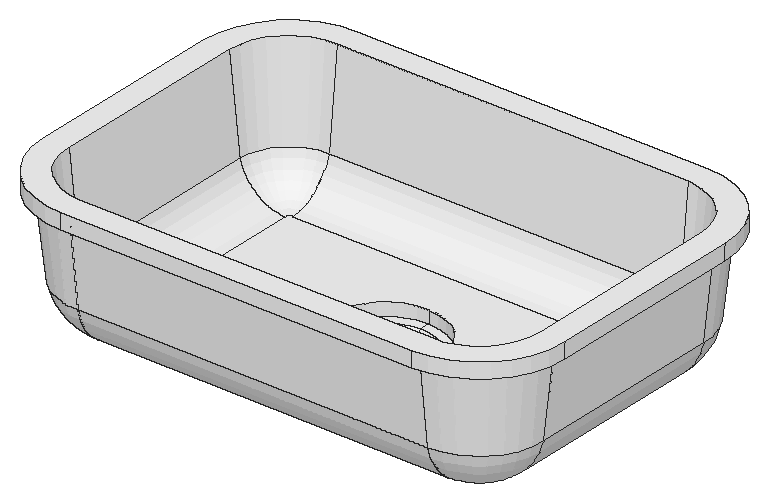
Revit family "Lav-Corian-European-Serenity-7520", category Plumbing Fixtures, host Face, Revit 2015
Parameters (values of type "7520")
  Width = 520 mm
  WFU = 0
  Version = "2015- v1.0a"  # constant formula
  URL = "http://www.corian.uk/-the-complete-residential-surfaces-solutions-"
  Sink Colors Available = "Designer White, Glacier White"
  Product Page URL = "http://www.corian.uk/-bathroom-basins-"
  Model = "Serenity 7520"  # constant formula
  Manufacturer = "DuPont"  # constant formula
  Length = 370 mm
  Interior Width = 470 mm
  Interior Length = 320 mm
  Interior Depth = 130 mm
  HWFU = 0
  Finish = Solid Surface Sink - DuPont - Designer White
  Description = "Bathroom Basin Europe Specification"  # constant formula
  Depth = 177 mm
  Default Elevation = 1219.2 mm
  Cost = 0
  CWFU = 0
Reference planes
  plane 1 "Center (Front/Back)": y = 0
  plane 2: z = 0
  plane 3 "Center (Left/Right)": x = 0
  plane 4: y = 185
  plane 5: y = -185
  plane 6: x = -260
  plane 7: x = 260
  plane 8: z = -142
  plane 9: x = -235
  plane 10: x = 235
  plane 11: y = 160
  plane 12: y = -160
  plane 13 "NAME": z = -12
  plane 14: z = -189
Forms (mm)
  Extrusion 1, void
    sketch origin (0, 0, 0) x (1, 0, 0) y (0, 1, 0)
      loop
        line (175, 160) -> (-175, 160)
        arc (-175, 160) -> (-217.426, 142.426) -> (-235, 100) r 60
        line (-235, 100) -> (-235, -100)
        arc (-235, -100) -> (-217.426, -142.426) -> (-175, -160) r 60
        line (-175, -160) -> (175, -160)
        arc (175, -160) -> (217.426, -142.426) -> (235, -100) r 60
        line (235, -100) -> (235, 100)
        arc (235, 100) -> (217.426, 142.426) -> (175, 160) r 60
    from -189 to 0
  Sweep 2, solid, material "Solid Surface Sink - DuPont - Designer White" <- "Finish"
    path origin (-322.065, -4572, -12) x (-1, 0, 0) y (0, -1, 0)
      loop
        arc (-147.065, -4732) -> (-104.638, -4714.426) -> (-87.065, -4672) r 60
        line (-87.065, -4672) -> (-87.065, -4472)
        arc (-87.065, -4472) -> (-104.638, -4429.574) -> (-147.065, -4412) r 60
        line (-147.065, -4412) -> (-497.065, -4412)
        arc (-497.065, -4412) -> (-539.491, -4429.574) -> (-557.065, -4472) r 60
        line (-557.065, -4472) -> (-557.065, -4672)
        arc (-557.065, -4672) -> (-539.491, -4714.426) -> (-497.065, -4732) r 60
        line (-497.065, -4732) -> (-147.065, -4732)
    profile origin (0, 160, -12) x (0, 1, 0) y (0, 0, 1)
      loop
        line (0, 0) -> (-10.498, -93.396)
        arc (-10.498, -93.396) -> (-27.056, -119.24) -> (-55.801, -130) r 48.579
        line (-55.801, -130) -> (-55.801, -145.008)
        arc (-55.801, -145.008) -> (-17.329, -130.664) -> (4.354, -95.797) r 63.579
        line (4.354, -95.797) -> (12.969, -20.582)
        arc (12.969, -20.582) -> (14.745, -16.622) -> (18.77, -15) r 5.805
        line (18.77, -15) -> (25, -15) -> (25, 0) -> (0, 0)
  Extrusion 3, solid, material "Solid Surface Sink - DuPont - Designer White" <- "Finish"
    sketch origin (-322.065, -4572, -12) x (-1, 0, 0) y (0, -1, 0)
      loop
        line (-142.866, -4672) -> (-142.866, -4472)
        arc (-142.866, -4472) -> (-144.096, -4469.031) -> (-147.065, -4467.801) r 4.199
        line (-147.065, -4467.801) -> (-497.065, -4467.801)
        arc (-497.065, -4467.801) -> (-500.034, -4469.031) -> (-501.264, -4472) r 4.199
        line (-501.264, -4472) -> (-501.264, -4672)
        arc (-501.264, -4672) -> (-500.034, -4674.969) -> (-497.065, -4676.199) r 4.199
        line (-497.065, -4676.199) -> (-147.065, -4676.199)
        arc (-147.065, -4676.199) -> (-144.096, -4674.969) -> (-142.866, -4672) r 4.199
    from -145.008 to -130
  Revolve 4, solid, material "Solid Surface Sink - DuPont - Designer White" <- "Finish"
    sketch origin (0, 0, 0) x (0, 1, 0) y (0, 0, 1)
      loop
        line (0, -142) -> (0, -189) -> (38.691, -189) -> (38.691, -181.757) -> (63.439, -157.008) -> (63.439, -142) -> (0, -142)
      axis (0, -142) -> (0, -189)
    angle from 0 to 360
  Revolve 5, void
    sketch origin (0, 0, 0) x (0, 1, 0) y (0, 0, 1)
      loop
        line (0, -189) -> (24.714, -189) -> (24.714, -181.757) -> (45, -154.835) -> (55, -154.835) -> (55, -142) -> (0, -142) -> (0, -189)
      axis (0, -142) -> (0, -189)
    angle from 0 to 360
Cuts and joins
  Revolve 5 cuts Sweep 2
  Revolve 5 cuts Extrusion 3
  Revolve 5 cuts Revolve 4
  joined: Sweep 2, Extrusion 3, Revolve 4
Lines and regions (mm)
  Masking region 1, detail levels medium+fine
    outline origin (-322.065, -4572, -12) x (-1, 0, 0) y (0, -1, 0)
      loop
        circle (-322.065, -4572) r 45
  Masking region 2
    outline origin (-322.065, -4572, -12) x (-1, 0, 0) y (0, -1, 0)
      loop
        line (-497.065, -4732) -> (-147.065, -4732)
        arc (-147.065, -4732) -> (-104.638, -4714.426) -> (-87.065, -4672) r 60
        line (-87.065, -4672) -> (-87.065, -4472)
        arc (-87.065, -4472) -> (-104.638, -4429.574) -> (-147.065, -4412) r 60
        line (-147.065, -4412) -> (-497.065, -4412)
        arc (-497.065, -4412) -> (-539.491, -4429.574) -> (-557.065, -4472) r 60
        line (-557.065, -4472) -> (-557.065, -4672)
        arc (-557.065, -4672) -> (-539.491, -4714.426) -> (-497.065, -4732) r 60
  Masking region 3, detail levels fine
    outline origin (-322.065, -4572, -12) x (-1, 0, 0) y (0, -1, 0)
      loop
        line (-497.065, -4723.094) -> (-147.065, -4723.094)
        arc (-147.065, -4723.094) -> (-110.936, -4708.129) -> (-95.971, -4672) r 51.094
        line (-95.971, -4672) -> (-95.971, -4472)
        arc (-95.971, -4472) -> (-110.936, -4435.871) -> (-147.065, -4420.906) r 51.094
        line (-147.065, -4420.906) -> (-497.065, -4420.906)
        arc (-497.065, -4420.906) -> (-533.194, -4435.871) -> (-548.159, -4472) r 51.094
        line (-548.159, -4472) -> (-548.159, -4672)
        arc (-548.159, -4672) -> (-533.194, -4708.129) -> (-497.065, -4723.094) r 51.094
Dimensions and locks
  equal spacing: plane 4, plane 1 "Center (Front/Back)", plane 5
  equal spacing: plane 6, plane 3 "Center (Left/Right)", plane 7
  "Length": plane 4 to plane 5
  "Width": plane 6 to plane 7
  equal spacing: plane 9, plane 3 "Center (Left/Right)", plane 10
  equal spacing: plane 11, plane 1 "Center (Front/Back)", plane 12
  "Interior Width": plane 9 to plane 10
  "Interior Length": plane 11 to plane 12
  locked: plane 2 to plane 13 "NAME" at 12
  "Interior Depth": plane 13 "NAME" to plane 8
  plane 9 to Sweep 2 sketch curve to Sweep 2 sketch curve = 60 mm, 0 mm
  Sweep 2 sketch curve to Sweep 2 sketch curve to plane 10 = 0 mm, 60 mm
  plane 11 to Sweep 2 sketch curve to Sweep 2 sketch curve = 60 mm, 0 mm
  Sweep 2 sketch curve to Sweep 2 sketch curve to plane 12 = 0 mm, 60 mm
  plane 4 to Extrusion 3 sketch curve to Extrusion 3 sketch curve to Extrusion 3 sketch curve = 80.801 mm locked, 4.199 mm locked, 0 mm locked
  Extrusion 3 sketch curve to Extrusion 3 sketch curve to Extrusion 3 sketch curve to plane 5 = 0 mm locked, 4.199 mm locked, 80.801 mm locked
  Extrusion 3 sketch curve to Extrusion 3 sketch curve to Extrusion 3 sketch curve to plane 7 = 0 mm locked, 4.199 mm locked, 80.801 mm locked
  plane 6 to Extrusion 3 sketch curve to Extrusion 3 sketch curve to Extrusion 3 sketch curve = 80.801 mm locked, 4.199 mm locked, 0 mm locked
  "Depth": plane 13 "NAME" to plane 14
  locked: plane 8 to cut or joined group of Sweep 2, Extrusion 3, Revolve 4, Revolve 5 at 15.008
  Revolve 4 sketch curve to Revolve 4 sketch curve to plane 1 "Center (Front/Back)" = 24.749 mm locked, 38.691 mm locked
  plane 8 to Revolve 4 sketch curve to Revolve 4 sketch curve = 15.008 mm locked, 24.749 mm locked
  Revolve 5 sketch curve to Revolve 5 sketch curve to Revolve 5 sketch curve to plane 1 "Center (Front/Back)" = 10 mm locked, 20.286 mm locked, 24.714 mm locked
  plane 8 to Revolve 5 sketch curve to Revolve 5 sketch curve = 12.835 mm locked, 26.921 mm locked
  Sweep 2 sketch curve to Sweep 2 sketch curve to Sweep 2 sketch curve to plane 11 to Sweep 2 sketch curve to Sweep 2 sketch curve to Sweep 2 sketch curve = 5.801 mm locked, 8.615 mm locked, 4.354 mm locked, 0 mm locked, 10.498 mm locked, 45.303 mm locked
  Sweep 2 sketch curve to plane 8 to Sweep 2 sketch curve = 0 mm, 15.008 mm
  plane 13 "NAME" to Sweep 2 sketch curve to Sweep 2 sketch curve to Sweep 2 sketch curve to Sweep 2 sketch curve = 15 mm locked, 5.582 mm locked, 72.814 mm locked, 2.401 mm locked
  Sweep 2 sketch curve to plane 1 "Center (Front/Back)" = 104.199 mm
  aligned and locked: plane 2 to host face
  aligned and locked: level to host face
  aligned and locked: level to Extrusion 1
  aligned and locked: plane 13 "NAME" to Sweep 2 sketch curve  (x2)
  aligned and locked: Sweep 2 sketch curve to plane 11
  aligned and locked: plane 12 to Sweep 2 sketch curve
  aligned and locked: plane 9 to Sweep 2 sketch curve
  aligned and locked: Sweep 2 sketch curve to plane 10
  aligned and locked: plane 4 to Sweep 2 sketch curve
  aligned and locked: Extrusion 1 to plane 14
  aligned and locked: plane 8 to cut or joined group of Sweep 2, Extrusion 3, Revolve 4, Revolve 5
  aligned and locked: Extrusion 1 sketch curve to plane 12
  aligned and locked: plane 10 to Extrusion 1 sketch curve
  aligned and locked: plane 11 to Extrusion 1 sketch curve
  aligned and locked: Extrusion 1 sketch curve to plane 9
  aligned and locked: plane 8 to Revolve 4 sketch curve  (x2)
  aligned and locked: plane 14 to Revolve 4 sketch curve
  aligned and locked: Revolve 4 sketch curve to plane 1 "Center (Front/Back)"
  aligned and locked: plane 1 "Center (Front/Back)" to Revolve 4 sketch curve
  aligned and locked: Revolve 4 sketch curve to plane 14
  aligned and locked: Revolve 5 sketch curve to plane 1 "Center (Front/Back)"
  aligned and locked: plane 8 to Revolve 5 sketch curve  (x2)
  aligned and locked: plane 14 to Revolve 5 sketch curve
  aligned and locked: plane 1 "Center (Front/Back)" to Revolve 5 sketch curve
  aligned and locked: Revolve 5 sketch curve to plane 14
Automatic sketch dimensions
  host sketch curve to host sketch curve = 2438.4 mm  (x2)
  plane 9 to Extrusion 1 sketch curve = 60 mm
  Extrusion 1 sketch curve to Extrusion 1 sketch curve = 60 mm  (x2)
  plane 12 to Extrusion 1 sketch curve = 60 mm
  Masking region 1 sketch curve to Masking region 1 sketch curve = 0 mm  (x2)
  Masking region 1 sketch curve to plane 3 "Center (Left/Right)" = 0 mm
  plane 1 "Center (Front/Back)" to Masking region 1 sketch curve = 0 mm
  Masking region 1 sketch curve to plane 1 "Center (Front/Back)" = 45 mm
  Masking region 2 sketch curve to plane 10 = 0 mm
  Masking region 2 sketch curve to plane 12 = 0 mm
  Masking region 2 sketch curve to plane 11 = 0 mm
  Masking region 2 sketch curve to plane 9 = 0 mm
  Masking region 2 sketch curve to plane 10 = 60 mm
  Masking region 2 sketch curve to Masking region 2 sketch curve = 60 mm  (x2)
  plane 9 to Masking region 2 sketch curve = 60 mm
  Masking region 3 sketch curve to plane 10 = 8.906 mm
  plane 12 to Masking region 3 sketch curve = 8.906 mm
  Masking region 3 sketch curve to plane 11 = 8.906 mm
  plane 9 to Masking region 3 sketch curve = 8.906 mm
  Masking region 3 sketch curve to plane 10 = 60 mm
  Masking region 3 sketch curve to Masking region 3 sketch curve = 51.094 mm  (x2)
  plane 9 to Masking region 3 sketch curve = 60 mm
  Sweep 2 sketch curve to Sweep 2 sketch curve = 0 mm  (x2)
Connectors
  piping at (0, 0, -189), diameter 90
    settings: on cut or joined group of Sweep 2, Extrusion 3, Revolve 4, Revolve 5, index 1, connector inside diameter 24", connector length 0 mm, flow factor 0, pipe flow 0 GPM, pressure drop 0.00 psi, fitting loss kfactor 0, connector angle 0.00°, fixture units 0, engagement length 0 mm, angle of deflection 0.00°, flow configuration 0, flow direction 2, fitting loss method 0, system type 16, joint type 0, gender type 0, connector reference index -1, connector utility 0, adjustable connector no, is connector primary yes, connector description "Drain"
